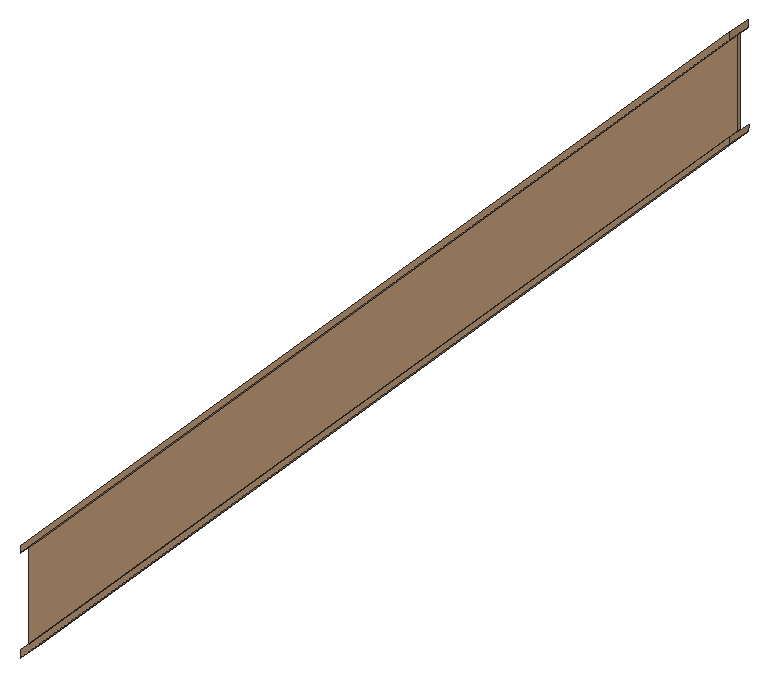
Revit family "EFIjoist", category Structural Framing, Revit 2021
Family settings
  Section Shape = Not Defined
  Material for Model Behavior = Other
  Always export as geometry = No
  OmniClass Number = 23.25.30.21.14
  OmniClass Title = Trussed Beams and Joists
  Work Plane-Based = No
  Always vertical = Yes
  Cut with Voids When Loaded = No
  Symbolic Representation = From Family
  Shared = No
  Show family pre-cut in plan views = Yes
Parameters
  Web_b = 15 mm
  Structural Material [instance] = Cherry
  Span [instance] = 3000 mm
  Slope [instance] = 45.00°
  d = 300 mm
  PL_d = 20 mm
  PL_b = 100 mm
Reference planes
  plane 1 "Center (Front/Back)": y = 0
  plane 2: z = 0
  plane 3 "Center (Left/Right)": x = 0
  plane 4: x = 1500
  plane 5: x = -1500
Forms (mm)
  Extrusion 1, solid, material "Cherry"
    sketch origin (0, 0, 0) x (1, 0, 0) y (0, 0, 1)
      loop
        line (-1500, -1500) -> (-1500, -1528.284) -> (1500, 1471.716) -> (1500, 1500) -> (-1500, -1500)
    from -50 to 50
  Extrusion 2, solid, material "Cherry"
    sketch origin (0, 0, 0) x (1, 0, 0) y (0, 0, 1)
      loop
        line (-1500, -1895.98) -> (-1500, -1924.264) -> (1500, 1075.736) -> (1500, 1104.02) -> (-1500, -1895.98)
    from -50 to 50
  Extrusion 3, solid, material "Cherry"
    sketch origin (0, 0, 0) x (1, 0, 0) y (0, 0, 1)
      loop
        line (1500, 1104.02) -> (1500, 1471.716) -> (-1500, -1528.284) -> (-1500, -1895.98) -> (1500, 1104.02)
    from -7.5 to 7.5
Lines and regions (mm)
  reference lines
    curve 1: line (0, 0, 0) -> (692.965, 0, 692.965)
    curve 2: line (331.298, 0, -92.966) -> (1398.675, 0, 974.411)
    curve 3: line (0, 7.5, 1265.697) -> (0, 7.5, -1134.303)
    curve 4: line (0, -7.5, 1265.697) -> (0, -7.5, -1134.303)
    curve 5: line (0, -50, 1265.697) -> (0, -50, -1134.303)
    curve 6: line (0, 50, 1265.697) -> (0, 50, -1134.303)
    curve 7: line (10.565, 0, -17.719) -> (419.792, 0, 391.508)
    curve 8: line (330.203, 0, -65.777) -> (1421.49, 0, 1025.51)
Dimensions and locks
  equal spacing: plane 5, plane 3 "Center (Left/Right)", plane 4
  "Span": plane 5 to plane 4
  "d": curve 1 to curve 2
  equal spacing: curve 3, plane 1 "Center (Front/Back)", curve 4
  "Web_b": curve 3 to curve 4
  equal spacing: curve 6, plane 1 "Center (Front/Back)", curve 5
  "PL_b": curve 6 to curve 5
  "PL_d": curve 7 to curve 1
  "PL_d": curve 2 to curve 8
  "Slope": angle curve 1 to level
  aligned and locked: plane 2 to level
  aligned and locked: Extrusion 1 sketch curve to curve 1
  aligned and locked: Extrusion 1 sketch curve to curve 7
  aligned and locked: plane 4 to Extrusion 1 sketch curve
  aligned and locked: Extrusion 1 sketch curve to plane 5
  aligned and locked: Extrusion 2 sketch curve to curve 8
  aligned and locked: Extrusion 2 sketch curve to curve 2
  aligned and locked: Extrusion 2 sketch curve to plane 4
  aligned and locked: Extrusion 2 sketch curve to plane 5
  aligned and locked: curve 6 to Extrusion 2
  aligned and locked: Extrusion 2 to curve 5
  aligned and locked: Extrusion 1 to curve 6
  aligned and locked: Extrusion 1 to curve 5
  aligned and locked: Extrusion 3 sketch curve to plane 4
  aligned and locked: Extrusion 3 sketch curve to plane 5
  aligned and locked: Extrusion 3 sketch curve to Extrusion 1
  aligned and locked: Extrusion 3 sketch curve to Extrusion 2
  aligned and locked: Extrusion 3 to curve 3
  aligned and locked: Extrusion 3 to curve 4
Automatic sketch dimensions
  curve 1 to level = 0 mm
  curve 1 to plane 3 "Center (Left/Right)" = 0 mm
  plane 3 "Center (Left/Right)" to curve 7 = 10.565 mm
  curve 2 to level = 92.966 mm
  curve 8 to level = 65.777 mm
  level to curve 7 = 391.508 mm
  plane 4 to curve 2 = 101.325 mm
  curve 2 to curve 8 = 22.814 mm
  curve 3 to level = 1134.303 mm
  curve 5 to curve 3 = 0 mm
  curve 4 to curve 3 = 0 mm  (x2)
  curve 3 to curve 6 = 0 mm
  level to curve 5 = 1265.697 mm
  curve 5 to curve 6 = 0 mm
  curve 5 to curve 4 = 0 mm
